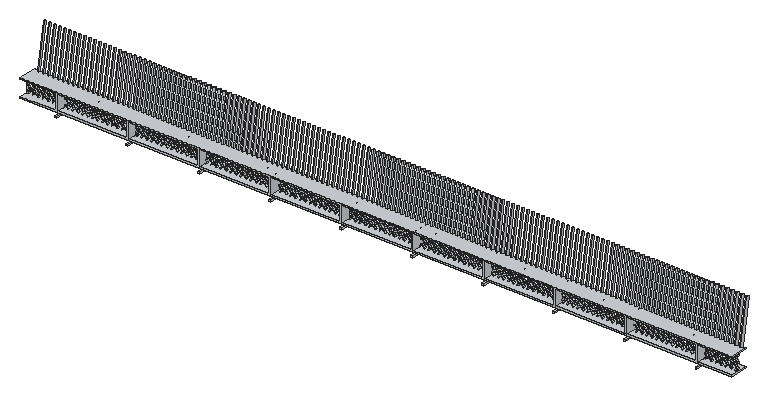
Revit family "Nedsale_venti panlat_Generic Model_2017", category Generic Models, Revit 2017
Family settings
  Can host rebar = No
  Round Connector Dimension = Use Diameter
  Part Type = Normal
  Work Plane-Based = Yes
  Always vertical = No
  Cut with Voids When Loaded = No
  Shared = No
  Room Calculation Point = No
Parameters
  kamlengte [instance] = 60 mm
  kam [instance] = yes
  gootlengte = 1000 mm
  URL = "www.w3d-tekenbureau.nl"
  Manufacturer = "Nedsale BV"
  Description = "Venti-panlat"
  Default Elevation = 0 mm
Reference planes
  plane 1 "Center (Front/Back)": y = 0
  plane 2: z = 0
  plane 3 "Center (Left/Right)": x = 0
  plane 4: y = -11.711
  plane 5: y = -13.711
Forms (mm)
  Extrusion 1, solid
    sketch origin (0, 0, 0) x (1, 0, 0) y (0, 0, 1)
      loop
        line (0, 7) -> (1000, 7) -> (1000, 32) -> (0, 32) -> (0, 7)
    from 11.711 to 13.711
  Extrusion 2, void
    sketch origin (-5.774, 0, 0) x (1, 0, 0) y (0, 0, 1)
      loop
        line (13.002, 31) -> (9.002, 31) -> (7.002, 27.536) -> (9.002, 24.072) -> (13.002, 24.072) -> (15.002, 27.536) -> (13.002, 31)
      loop
        line (13.002, 22.964) -> (9.002, 22.964) -> (7.002, 19.5) -> (9.002, 16.036) -> (13.002, 16.036) -> (15.002, 19.5) -> (13.002, 22.964)
      loop
        line (13.002, 14.928) -> (9.002, 14.928) -> (7.002, 11.464) -> (9.002, 8) -> (13.002, 8) -> (15.002, 11.464) -> (13.002, 14.928)
      loop
        line (19.961, 26.982) -> (15.961, 26.982) -> (13.961, 23.518) -> (15.961, 20.054) -> (19.961, 20.054) -> (21.961, 23.518) -> (19.961, 26.982)
      loop
        line (19.961, 18.946) -> (15.961, 18.946) -> (13.961, 15.482) -> (15.961, 12.018) -> (19.961, 12.018) -> (21.961, 15.482) -> (19.961, 18.946)
      loop
        line (19.961, 10.91) -> (15.961, 10.91) -> (14.281, 8) -> (21.641, 8) -> (19.961, 10.91)
      loop
        line (21.641, 31) -> (14.281, 31) -> (15.961, 28.09) -> (19.961, 28.09) -> (21.641, 31)
    from -34.103 to 250
  Extrusion 3, void
    sketch origin (8.144, 0, 0) x (1, 0, 0) y (0, 0, 1)
      loop
        line (13.002, 31) -> (9.002, 31) -> (7.002, 27.536) -> (9.002, 24.072) -> (13.002, 24.072) -> (15.002, 27.536) -> (13.002, 31)
      loop
        line (13.002, 22.964) -> (9.002, 22.964) -> (7.002, 19.5) -> (9.002, 16.036) -> (13.002, 16.036) -> (15.002, 19.5) -> (13.002, 22.964)
      loop
        line (13.002, 14.928) -> (9.002, 14.928) -> (7.002, 11.464) -> (9.002, 8) -> (13.002, 8) -> (15.002, 11.464) -> (13.002, 14.928)
      loop
        line (19.961, 26.982) -> (15.961, 26.982) -> (13.961, 23.518) -> (15.961, 20.054) -> (19.961, 20.054) -> (21.961, 23.518) -> (19.961, 26.982)
      loop
        line (19.961, 18.946) -> (15.961, 18.946) -> (13.961, 15.482) -> (15.961, 12.018) -> (19.961, 12.018) -> (21.961, 15.482) -> (19.961, 18.946)
      loop
        line (19.961, 10.91) -> (15.961, 10.91) -> (14.281, 8) -> (21.641, 8) -> (19.961, 10.91)
      loop
        line (21.641, 31) -> (14.281, 31) -> (15.961, 28.09) -> (19.961, 28.09) -> (21.641, 31)
    from -34.103 to 250
  Extrusion 4, void
    sketch origin (22.063, 0, 0) x (1, 0, 0) y (0, 0, 1)
      loop
        line (13.002, 31) -> (9.002, 31) -> (7.002, 27.536) -> (9.002, 24.072) -> (13.002, 24.072) -> (15.002, 27.536) -> (13.002, 31)
      loop
        line (13.002, 22.964) -> (9.002, 22.964) -> (7.002, 19.5) -> (9.002, 16.036) -> (13.002, 16.036) -> (15.002, 19.5) -> (13.002, 22.964)
      loop
        line (13.002, 14.928) -> (9.002, 14.928) -> (7.002, 11.464) -> (9.002, 8) -> (13.002, 8) -> (15.002, 11.464) -> (13.002, 14.928)
      loop
        line (19.961, 26.982) -> (15.961, 26.982) -> (13.961, 23.518) -> (15.961, 20.054) -> (19.961, 20.054) -> (21.961, 23.518) -> (19.961, 26.982)
      loop
        line (19.961, 18.946) -> (15.961, 18.946) -> (13.961, 15.482) -> (15.961, 12.018) -> (19.961, 12.018) -> (21.961, 15.482) -> (19.961, 18.946)
      loop
        line (19.961, 10.91) -> (15.961, 10.91) -> (14.281, 8) -> (21.641, 8) -> (19.961, 10.91)
      loop
        line (21.641, 31) -> (14.281, 31) -> (15.961, 28.09) -> (19.961, 28.09) -> (21.641, 31)
    from -34.103 to 250
  Extrusion 5, void
    sketch origin (35.982, 0, 0) x (1, 0, 0) y (0, 0, 1)
      loop
        line (13.002, 31) -> (9.002, 31) -> (7.002, 27.536) -> (9.002, 24.072) -> (13.002, 24.072) -> (15.002, 27.536) -> (13.002, 31)
      loop
        line (13.002, 22.964) -> (9.002, 22.964) -> (7.002, 19.5) -> (9.002, 16.036) -> (13.002, 16.036) -> (15.002, 19.5) -> (13.002, 22.964)
      loop
        line (13.002, 14.928) -> (9.002, 14.928) -> (7.002, 11.464) -> (9.002, 8) -> (13.002, 8) -> (15.002, 11.464) -> (13.002, 14.928)
      loop
        line (19.961, 26.982) -> (15.961, 26.982) -> (13.961, 23.518) -> (15.961, 20.054) -> (19.961, 20.054) -> (21.961, 23.518) -> (19.961, 26.982)
      loop
        line (19.961, 18.946) -> (15.961, 18.946) -> (13.961, 15.482) -> (15.961, 12.018) -> (19.961, 12.018) -> (21.961, 15.482) -> (19.961, 18.946)
      loop
        line (19.961, 10.91) -> (15.961, 10.91) -> (14.281, 8) -> (21.641, 8) -> (19.961, 10.91)
      loop
        line (21.641, 31) -> (14.281, 31) -> (15.961, 28.09) -> (19.961, 28.09) -> (21.641, 31)
    from -34.103 to 250
  Extrusion 6, void
    sketch origin (49.9, 0, 0) x (1, 0, 0) y (0, 0, 1)
      loop
        line (13.002, 31) -> (9.002, 31) -> (7.002, 27.536) -> (9.002, 24.072) -> (13.002, 24.072) -> (15.002, 27.536) -> (13.002, 31)
      loop
        line (13.002, 22.964) -> (9.002, 22.964) -> (7.002, 19.5) -> (9.002, 16.036) -> (13.002, 16.036) -> (15.002, 19.5) -> (13.002, 22.964)
      loop
        line (13.002, 14.928) -> (9.002, 14.928) -> (7.002, 11.464) -> (9.002, 8) -> (13.002, 8) -> (15.002, 11.464) -> (13.002, 14.928)
      loop
        line (19.961, 26.982) -> (15.961, 26.982) -> (13.961, 23.518) -> (15.961, 20.054) -> (19.961, 20.054) -> (21.961, 23.518) -> (19.961, 26.982)
      loop
        line (19.961, 18.946) -> (15.961, 18.946) -> (13.961, 15.482) -> (15.961, 12.018) -> (19.961, 12.018) -> (21.961, 15.482) -> (19.961, 18.946)
      loop
        line (19.961, 10.91) -> (15.961, 10.91) -> (14.281, 8) -> (21.641, 8) -> (19.961, 10.91)
      loop
        line (21.641, 31) -> (14.281, 31) -> (15.961, 28.09) -> (19.961, 28.09) -> (21.641, 31)
    from -34.103 to 250
  Extrusion 7, void
    sketch origin (63.819, 0, 0) x (1, 0, 0) y (0, 0, 1)
      loop
        line (13.002, 31) -> (9.002, 31) -> (7.002, 27.536) -> (9.002, 24.072) -> (13.002, 24.072) -> (15.002, 27.536) -> (13.002, 31)
      loop
        line (13.002, 22.964) -> (9.002, 22.964) -> (7.002, 19.5) -> (9.002, 16.036) -> (13.002, 16.036) -> (15.002, 19.5) -> (13.002, 22.964)
      loop
        line (13.002, 14.928) -> (9.002, 14.928) -> (7.002, 11.464) -> (9.002, 8) -> (13.002, 8) -> (15.002, 11.464) -> (13.002, 14.928)
      loop
        line (19.961, 26.982) -> (15.961, 26.982) -> (13.961, 23.518) -> (15.961, 20.054) -> (19.961, 20.054) -> (21.961, 23.518) -> (19.961, 26.982)
      loop
        line (19.961, 18.946) -> (15.961, 18.946) -> (13.961, 15.482) -> (15.961, 12.018) -> (19.961, 12.018) -> (21.961, 15.482) -> (19.961, 18.946)
      loop
        line (19.961, 10.91) -> (15.961, 10.91) -> (14.281, 8) -> (21.641, 8) -> (19.961, 10.91)
      loop
        line (21.641, 31) -> (14.281, 31) -> (15.961, 28.09) -> (19.961, 28.09) -> (21.641, 31)
    from -34.103 to 250
  Extrusion 8, void
    sketch origin (77.737, 0, 0) x (1, 0, 0) y (0, 0, 1)
      loop
        line (13.002, 31) -> (9.002, 31) -> (7.002, 27.536) -> (9.002, 24.072) -> (13.002, 24.072) -> (15.002, 27.536) -> (13.002, 31)
      loop
        line (13.002, 22.964) -> (9.002, 22.964) -> (7.002, 19.5) -> (9.002, 16.036) -> (13.002, 16.036) -> (15.002, 19.5) -> (13.002, 22.964)
      loop
        line (13.002, 14.928) -> (9.002, 14.928) -> (7.002, 11.464) -> (9.002, 8) -> (13.002, 8) -> (15.002, 11.464) -> (13.002, 14.928)
      loop
        line (19.961, 26.982) -> (15.961, 26.982) -> (13.961, 23.518) -> (15.961, 20.054) -> (19.961, 20.054) -> (21.961, 23.518) -> (19.961, 26.982)
      loop
        line (19.961, 18.946) -> (15.961, 18.946) -> (13.961, 15.482) -> (15.961, 12.018) -> (19.961, 12.018) -> (21.961, 15.482) -> (19.961, 18.946)
      loop
        line (19.961, 10.91) -> (15.961, 10.91) -> (14.281, 8) -> (21.641, 8) -> (19.961, 10.91)
      loop
        line (21.641, 31) -> (14.281, 31) -> (15.961, 28.09) -> (19.961, 28.09) -> (21.641, 31)
    from -34.103 to 250
  Extrusion 9, void
    sketch origin (91.656, 0, 0) x (1, 0, 0) y (0, 0, 1)
      loop
        line (13.002, 31) -> (9.002, 31) -> (7.002, 27.536) -> (9.002, 24.072) -> (13.002, 24.072) -> (15.002, 27.536) -> (13.002, 31)
      loop
        line (13.002, 22.964) -> (9.002, 22.964) -> (7.002, 19.5) -> (9.002, 16.036) -> (13.002, 16.036) -> (15.002, 19.5) -> (13.002, 22.964)
      loop
        line (13.002, 14.928) -> (9.002, 14.928) -> (7.002, 11.464) -> (9.002, 8) -> (13.002, 8) -> (15.002, 11.464) -> (13.002, 14.928)
      loop
        line (19.961, 26.982) -> (15.961, 26.982) -> (13.961, 23.518) -> (15.961, 20.054) -> (19.961, 20.054) -> (21.961, 23.518) -> (19.961, 26.982)
      loop
        line (19.961, 18.946) -> (15.961, 18.946) -> (13.961, 15.482) -> (15.961, 12.018) -> (19.961, 12.018) -> (21.961, 15.482) -> (19.961, 18.946)
      loop
        line (19.961, 10.91) -> (15.961, 10.91) -> (14.281, 8) -> (21.641, 8) -> (19.961, 10.91)
      loop
        line (21.641, 31) -> (14.281, 31) -> (15.961, 28.09) -> (19.961, 28.09) -> (21.641, 31)
    from -34.103 to 250
  Extrusion 10, void
    sketch origin (105.575, 0, 0) x (1, 0, 0) y (0, 0, 1)
      loop
        line (13.002, 31) -> (9.002, 31) -> (7.002, 27.536) -> (9.002, 24.072) -> (13.002, 24.072) -> (15.002, 27.536) -> (13.002, 31)
      loop
        line (13.002, 22.964) -> (9.002, 22.964) -> (7.002, 19.5) -> (9.002, 16.036) -> (13.002, 16.036) -> (15.002, 19.5) -> (13.002, 22.964)
      loop
        line (13.002, 14.928) -> (9.002, 14.928) -> (7.002, 11.464) -> (9.002, 8) -> (13.002, 8) -> (15.002, 11.464) -> (13.002, 14.928)
      loop
        line (19.961, 26.982) -> (15.961, 26.982) -> (13.961, 23.518) -> (15.961, 20.054) -> (19.961, 20.054) -> (21.961, 23.518) -> (19.961, 26.982)
      loop
        line (19.961, 18.946) -> (15.961, 18.946) -> (13.961, 15.482) -> (15.961, 12.018) -> (19.961, 12.018) -> (21.961, 15.482) -> (19.961, 18.946)
      loop
        line (19.961, 10.91) -> (15.961, 10.91) -> (14.281, 8) -> (21.641, 8) -> (19.961, 10.91)
      loop
        line (21.641, 31) -> (14.281, 31) -> (15.961, 28.09) -> (19.961, 28.09) -> (21.641, 31)
    from -34.103 to 250
  Extrusion 11, void
    sketch origin (119.493, 0, 0) x (1, 0, 0) y (0, 0, 1)
      loop
        line (13.002, 31) -> (9.002, 31) -> (7.002, 27.536) -> (9.002, 24.072) -> (13.002, 24.072) -> (15.002, 27.536) -> (13.002, 31)
      loop
        line (13.002, 22.964) -> (9.002, 22.964) -> (7.002, 19.5) -> (9.002, 16.036) -> (13.002, 16.036) -> (15.002, 19.5) -> (13.002, 22.964)
      loop
        line (13.002, 14.928) -> (9.002, 14.928) -> (7.002, 11.464) -> (9.002, 8) -> (13.002, 8) -> (15.002, 11.464) -> (13.002, 14.928)
      loop
        line (19.961, 26.982) -> (15.961, 26.982) -> (13.961, 23.518) -> (15.961, 20.054) -> (19.961, 20.054) -> (21.961, 23.518) -> (19.961, 26.982)
      loop
        line (19.961, 18.946) -> (15.961, 18.946) -> (13.961, 15.482) -> (15.961, 12.018) -> (19.961, 12.018) -> (21.961, 15.482) -> (19.961, 18.946)
      loop
        line (19.961, 10.91) -> (15.961, 10.91) -> (14.281, 8) -> (21.641, 8) -> (19.961, 10.91)
      loop
        line (21.641, 31) -> (14.281, 31) -> (15.961, 28.09) -> (19.961, 28.09) -> (21.641, 31)
    from -34.103 to 250
  Extrusion 12, void
    sketch origin (133.412, 0, 0) x (1, 0, 0) y (0, 0, 1)
      loop
        line (13.002, 31) -> (9.002, 31) -> (7.002, 27.536) -> (9.002, 24.072) -> (13.002, 24.072) -> (15.002, 27.536) -> (13.002, 31)
      loop
        line (13.002, 22.964) -> (9.002, 22.964) -> (7.002, 19.5) -> (9.002, 16.036) -> (13.002, 16.036) -> (15.002, 19.5) -> (13.002, 22.964)
      loop
        line (13.002, 14.928) -> (9.002, 14.928) -> (7.002, 11.464) -> (9.002, 8) -> (13.002, 8) -> (15.002, 11.464) -> (13.002, 14.928)
      loop
        line (19.961, 26.982) -> (15.961, 26.982) -> (13.961, 23.518) -> (15.961, 20.054) -> (19.961, 20.054) -> (21.961, 23.518) -> (19.961, 26.982)
      loop
        line (19.961, 18.946) -> (15.961, 18.946) -> (13.961, 15.482) -> (15.961, 12.018) -> (19.961, 12.018) -> (21.961, 15.482) -> (19.961, 18.946)
      loop
        line (19.961, 10.91) -> (15.961, 10.91) -> (14.281, 8) -> (21.641, 8) -> (19.961, 10.91)
      loop
        line (21.641, 31) -> (14.281, 31) -> (15.961, 28.09) -> (19.961, 28.09) -> (21.641, 31)
    from -34.103 to 250
  Extrusion 13, void
    sketch origin (147.33, 0, 0) x (1, 0, 0) y (0, 0, 1)
      loop
        line (13.002, 31) -> (9.002, 31) -> (7.002, 27.536) -> (9.002, 24.072) -> (13.002, 24.072) -> (15.002, 27.536) -> (13.002, 31)
      loop
        line (13.002, 22.964) -> (9.002, 22.964) -> (7.002, 19.5) -> (9.002, 16.036) -> (13.002, 16.036) -> (15.002, 19.5) -> (13.002, 22.964)
      loop
        line (13.002, 14.928) -> (9.002, 14.928) -> (7.002, 11.464) -> (9.002, 8) -> (13.002, 8) -> (15.002, 11.464) -> (13.002, 14.928)
      loop
        line (19.961, 26.982) -> (15.961, 26.982) -> (13.961, 23.518) -> (15.961, 20.054) -> (19.961, 20.054) -> (21.961, 23.518) -> (19.961, 26.982)
      loop
        line (19.961, 18.946) -> (15.961, 18.946) -> (13.961, 15.482) -> (15.961, 12.018) -> (19.961, 12.018) -> (21.961, 15.482) -> (19.961, 18.946)
      loop
        line (19.961, 10.91) -> (15.961, 10.91) -> (14.281, 8) -> (21.641, 8) -> (19.961, 10.91)
      loop
        line (21.641, 31) -> (14.281, 31) -> (15.961, 28.09) -> (19.961, 28.09) -> (21.641, 31)
    from -34.103 to 250
  Extrusion 14, void
    sketch origin (161.249, 0, 0) x (1, 0, 0) y (0, 0, 1)
      loop
        line (13.002, 31) -> (9.002, 31) -> (7.002, 27.536) -> (9.002, 24.072) -> (13.002, 24.072) -> (15.002, 27.536) -> (13.002, 31)
      loop
        line (13.002, 22.964) -> (9.002, 22.964) -> (7.002, 19.5) -> (9.002, 16.036) -> (13.002, 16.036) -> (15.002, 19.5) -> (13.002, 22.964)
      loop
        line (13.002, 14.928) -> (9.002, 14.928) -> (7.002, 11.464) -> (9.002, 8) -> (13.002, 8) -> (15.002, 11.464) -> (13.002, 14.928)
      loop
        line (19.961, 26.982) -> (15.961, 26.982) -> (13.961, 23.518) -> (15.961, 20.054) -> (19.961, 20.054) -> (21.961, 23.518) -> (19.961, 26.982)
      loop
        line (19.961, 18.946) -> (15.961, 18.946) -> (13.961, 15.482) -> (15.961, 12.018) -> (19.961, 12.018) -> (21.961, 15.482) -> (19.961, 18.946)
      loop
        line (19.961, 10.91) -> (15.961, 10.91) -> (14.281, 8) -> (21.641, 8) -> (19.961, 10.91)
      loop
        line (21.641, 31) -> (14.281, 31) -> (15.961, 28.09) -> (19.961, 28.09) -> (21.641, 31)
    from -34.103 to 250
  Extrusion 15, void
    sketch origin (175.167, 0, 0) x (1, 0, 0) y (0, 0, 1)
      loop
        line (13.002, 31) -> (9.002, 31) -> (7.002, 27.536) -> (9.002, 24.072) -> (13.002, 24.072) -> (15.002, 27.536) -> (13.002, 31)
      loop
        line (13.002, 22.964) -> (9.002, 22.964) -> (7.002, 19.5) -> (9.002, 16.036) -> (13.002, 16.036) -> (15.002, 19.5) -> (13.002, 22.964)
      loop
        line (13.002, 14.928) -> (9.002, 14.928) -> (7.002, 11.464) -> (9.002, 8) -> (13.002, 8) -> (15.002, 11.464) -> (13.002, 14.928)
      loop
        line (19.961, 26.982) -> (15.961, 26.982) -> (13.961, 23.518) -> (15.961, 20.054) -> (19.961, 20.054) -> (21.961, 23.518) -> (19.961, 26.982)
      loop
        line (19.961, 18.946) -> (15.961, 18.946) -> (13.961, 15.482) -> (15.961, 12.018) -> (19.961, 12.018) -> (21.961, 15.482) -> (19.961, 18.946)
      loop
        line (19.961, 10.91) -> (15.961, 10.91) -> (14.281, 8) -> (21.641, 8) -> (19.961, 10.91)
      loop
        line (21.641, 31) -> (14.281, 31) -> (15.961, 28.09) -> (19.961, 28.09) -> (21.641, 31)
    from -34.103 to 250
  Extrusion 16, void
    sketch origin (189.086, 0, 0) x (1, 0, 0) y (0, 0, 1)
      loop
        line (13.002, 31) -> (9.002, 31) -> (7.002, 27.536) -> (9.002, 24.072) -> (13.002, 24.072) -> (15.002, 27.536) -> (13.002, 31)
      loop
        line (13.002, 22.964) -> (9.002, 22.964) -> (7.002, 19.5) -> (9.002, 16.036) -> (13.002, 16.036) -> (15.002, 19.5) -> (13.002, 22.964)
      loop
        line (13.002, 14.928) -> (9.002, 14.928) -> (7.002, 11.464) -> (9.002, 8) -> (13.002, 8) -> (15.002, 11.464) -> (13.002, 14.928)
      loop
        line (19.961, 26.982) -> (15.961, 26.982) -> (13.961, 23.518) -> (15.961, 20.054) -> (19.961, 20.054) -> (21.961, 23.518) -> (19.961, 26.982)
      loop
        line (19.961, 18.946) -> (15.961, 18.946) -> (13.961, 15.482) -> (15.961, 12.018) -> (19.961, 12.018) -> (21.961, 15.482) -> (19.961, 18.946)
      loop
        line (19.961, 10.91) -> (15.961, 10.91) -> (14.281, 8) -> (21.641, 8) -> (19.961, 10.91)
      loop
        line (21.641, 31) -> (14.281, 31) -> (15.961, 28.09) -> (19.961, 28.09) -> (21.641, 31)
    from -34.103 to 250
  Extrusion 17, void
    sketch origin (203.005, 0, 0) x (1, 0, 0) y (0, 0, 1)
      loop
        line (13.002, 31) -> (9.002, 31) -> (7.002, 27.536) -> (9.002, 24.072) -> (13.002, 24.072) -> (15.002, 27.536) -> (13.002, 31)
      loop
        line (13.002, 22.964) -> (9.002, 22.964) -> (7.002, 19.5) -> (9.002, 16.036) -> (13.002, 16.036) -> (15.002, 19.5) -> (13.002, 22.964)
      loop
        line (13.002, 14.928) -> (9.002, 14.928) -> (7.002, 11.464) -> (9.002, 8) -> (13.002, 8) -> (15.002, 11.464) -> (13.002, 14.928)
      loop
        line (19.961, 26.982) -> (15.961, 26.982) -> (13.961, 23.518) -> (15.961, 20.054) -> (19.961, 20.054) -> (21.961, 23.518) -> (19.961, 26.982)
      loop
        line (19.961, 18.946) -> (15.961, 18.946) -> (13.961, 15.482) -> (15.961, 12.018) -> (19.961, 12.018) -> (21.961, 15.482) -> (19.961, 18.946)
      loop
        line (19.961, 10.91) -> (15.961, 10.91) -> (14.281, 8) -> (21.641, 8) -> (19.961, 10.91)
      loop
        line (21.641, 31) -> (14.281, 31) -> (15.961, 28.09) -> (19.961, 28.09) -> (21.641, 31)
    from -34.103 to 250
  Extrusion 18, void
    sketch origin (216.923, 0, 0) x (1, 0, 0) y (0, 0, 1)
      loop
        line (13.002, 31) -> (9.002, 31) -> (7.002, 27.536) -> (9.002, 24.072) -> (13.002, 24.072) -> (15.002, 27.536) -> (13.002, 31)
      loop
        line (13.002, 22.964) -> (9.002, 22.964) -> (7.002, 19.5) -> (9.002, 16.036) -> (13.002, 16.036) -> (15.002, 19.5) -> (13.002, 22.964)
      loop
        line (13.002, 14.928) -> (9.002, 14.928) -> (7.002, 11.464) -> (9.002, 8) -> (13.002, 8) -> (15.002, 11.464) -> (13.002, 14.928)
      loop
        line (19.961, 26.982) -> (15.961, 26.982) -> (13.961, 23.518) -> (15.961, 20.054) -> (19.961, 20.054) -> (21.961, 23.518) -> (19.961, 26.982)
      loop
        line (19.961, 18.946) -> (15.961, 18.946) -> (13.961, 15.482) -> (15.961, 12.018) -> (19.961, 12.018) -> (21.961, 15.482) -> (19.961, 18.946)
      loop
        line (19.961, 10.91) -> (15.961, 10.91) -> (14.281, 8) -> (21.641, 8) -> (19.961, 10.91)
      loop
        line (21.641, 31) -> (14.281, 31) -> (15.961, 28.09) -> (19.961, 28.09) -> (21.641, 31)
    from -34.103 to 250
  Extrusion 19, void
    sketch origin (230.842, 0, 0) x (1, 0, 0) y (0, 0, 1)
      loop
        line (13.002, 31) -> (9.002, 31) -> (7.002, 27.536) -> (9.002, 24.072) -> (13.002, 24.072) -> (15.002, 27.536) -> (13.002, 31)
      loop
        line (13.002, 22.964) -> (9.002, 22.964) -> (7.002, 19.5) -> (9.002, 16.036) -> (13.002, 16.036) -> (15.002, 19.5) -> (13.002, 22.964)
      loop
        line (13.002, 14.928) -> (9.002, 14.928) -> (7.002, 11.464) -> (9.002, 8) -> (13.002, 8) -> (15.002, 11.464) -> (13.002, 14.928)
      loop
        line (19.961, 26.982) -> (15.961, 26.982) -> (13.961, 23.518) -> (15.961, 20.054) -> (19.961, 20.054) -> (21.961, 23.518) -> (19.961, 26.982)
      loop
        line (19.961, 18.946) -> (15.961, 18.946) -> (13.961, 15.482) -> (15.961, 12.018) -> (19.961, 12.018) -> (21.961, 15.482) -> (19.961, 18.946)
      loop
        line (19.961, 10.91) -> (15.961, 10.91) -> (14.281, 8) -> (21.641, 8) -> (19.961, 10.91)
      loop
        line (21.641, 31) -> (14.281, 31) -> (15.961, 28.09) -> (19.961, 28.09) -> (21.641, 31)
    from -34.103 to 250
  Extrusion 20, void
    sketch origin (244.76, 0, 0) x (1, 0, 0) y (0, 0, 1)
      loop
        line (13.002, 31) -> (9.002, 31) -> (7.002, 27.536) -> (9.002, 24.072) -> (13.002, 24.072) -> (15.002, 27.536) -> (13.002, 31)
      loop
        line (13.002, 22.964) -> (9.002, 22.964) -> (7.002, 19.5) -> (9.002, 16.036) -> (13.002, 16.036) -> (15.002, 19.5) -> (13.002, 22.964)
      loop
        line (13.002, 14.928) -> (9.002, 14.928) -> (7.002, 11.464) -> (9.002, 8) -> (13.002, 8) -> (15.002, 11.464) -> (13.002, 14.928)
      loop
        line (19.961, 26.982) -> (15.961, 26.982) -> (13.961, 23.518) -> (15.961, 20.054) -> (19.961, 20.054) -> (21.961, 23.518) -> (19.961, 26.982)
      loop
        line (19.961, 18.946) -> (15.961, 18.946) -> (13.961, 15.482) -> (15.961, 12.018) -> (19.961, 12.018) -> (21.961, 15.482) -> (19.961, 18.946)
      loop
        line (19.961, 10.91) -> (15.961, 10.91) -> (14.281, 8) -> (21.641, 8) -> (19.961, 10.91)
      loop
        line (21.641, 31) -> (14.281, 31) -> (15.961, 28.09) -> (19.961, 28.09) -> (21.641, 31)
    from -34.103 to 250
  Extrusion 21, void
    sketch origin (258.679, 0, 0) x (1, 0, 0) y (0, 0, 1)
      loop
        line (13.002, 31) -> (9.002, 31) -> (7.002, 27.536) -> (9.002, 24.072) -> (13.002, 24.072) -> (15.002, 27.536) -> (13.002, 31)
      loop
        line (13.002, 22.964) -> (9.002, 22.964) -> (7.002, 19.5) -> (9.002, 16.036) -> (13.002, 16.036) -> (15.002, 19.5) -> (13.002, 22.964)
      loop
        line (13.002, 14.928) -> (9.002, 14.928) -> (7.002, 11.464) -> (9.002, 8) -> (13.002, 8) -> (15.002, 11.464) -> (13.002, 14.928)
      loop
        line (19.961, 26.982) -> (15.961, 26.982) -> (13.961, 23.518) -> (15.961, 20.054) -> (19.961, 20.054) -> (21.961, 23.518) -> (19.961, 26.982)
      loop
        line (19.961, 18.946) -> (15.961, 18.946) -> (13.961, 15.482) -> (15.961, 12.018) -> (19.961, 12.018) -> (21.961, 15.482) -> (19.961, 18.946)
      loop
        line (19.961, 10.91) -> (15.961, 10.91) -> (14.281, 8) -> (21.641, 8) -> (19.961, 10.91)
      loop
        line (21.641, 31) -> (14.281, 31) -> (15.961, 28.09) -> (19.961, 28.09) -> (21.641, 31)
    from -34.103 to 250
  Extrusion 22, void
    sketch origin (272.598, 0, 0) x (1, 0, 0) y (0, 0, 1)
      loop
        line (13.002, 31) -> (9.002, 31) -> (7.002, 27.536) -> (9.002, 24.072) -> (13.002, 24.072) -> (15.002, 27.536) -> (13.002, 31)
      loop
        line (13.002, 22.964) -> (9.002, 22.964) -> (7.002, 19.5) -> (9.002, 16.036) -> (13.002, 16.036) -> (15.002, 19.5) -> (13.002, 22.964)
      loop
        line (13.002, 14.928) -> (9.002, 14.928) -> (7.002, 11.464) -> (9.002, 8) -> (13.002, 8) -> (15.002, 11.464) -> (13.002, 14.928)
      loop
        line (19.961, 26.982) -> (15.961, 26.982) -> (13.961, 23.518) -> (15.961, 20.054) -> (19.961, 20.054) -> (21.961, 23.518) -> (19.961, 26.982)
      loop
        line (19.961, 18.946) -> (15.961, 18.946) -> (13.961, 15.482) -> (15.961, 12.018) -> (19.961, 12.018) -> (21.961, 15.482) -> (19.961, 18.946)
      loop
        line (19.961, 10.91) -> (15.961, 10.91) -> (14.281, 8) -> (21.641, 8) -> (19.961, 10.91)
      loop
        line (21.641, 31) -> (14.281, 31) -> (15.961, 28.09) -> (19.961, 28.09) -> (21.641, 31)
    from -34.103 to 250
  Extrusion 23, void
    sketch origin (286.516, 0, 0) x (1, 0, 0) y (0, 0, 1)
      loop
        line (13.002, 31) -> (9.002, 31) -> (7.002, 27.536) -> (9.002, 24.072) -> (13.002, 24.072) -> (15.002, 27.536) -> (13.002, 31)
      loop
        line (13.002, 22.964) -> (9.002, 22.964) -> (7.002, 19.5) -> (9.002, 16.036) -> (13.002, 16.036) -> (15.002, 19.5) -> (13.002, 22.964)
      loop
        line (13.002, 14.928) -> (9.002, 14.928) -> (7.002, 11.464) -> (9.002, 8) -> (13.002, 8) -> (15.002, 11.464) -> (13.002, 14.928)
      loop
        line (19.961, 26.982) -> (15.961, 26.982) -> (13.961, 23.518) -> (15.961, 20.054) -> (19.961, 20.054) -> (21.961, 23.518) -> (19.961, 26.982)
      loop
        line (19.961, 18.946) -> (15.961, 18.946) -> (13.961, 15.482) -> (15.961, 12.018) -> (19.961, 12.018) -> (21.961, 15.482) -> (19.961, 18.946)
      loop
        line (19.961, 10.91) -> (15.961, 10.91) -> (14.281, 8) -> (21.641, 8) -> (19.961, 10.91)
      loop
        line (21.641, 31) -> (14.281, 31) -> (15.961, 28.09) -> (19.961, 28.09) -> (21.641, 31)
    from -34.103 to 250
  Extrusion 24, void
    sketch origin (300.435, 0, 0) x (1, 0, 0) y (0, 0, 1)
      loop
        line (13.002, 31) -> (9.002, 31) -> (7.002, 27.536) -> (9.002, 24.072) -> (13.002, 24.072) -> (15.002, 27.536) -> (13.002, 31)
      loop
        line (13.002, 22.964) -> (9.002, 22.964) -> (7.002, 19.5) -> (9.002, 16.036) -> (13.002, 16.036) -> (15.002, 19.5) -> (13.002, 22.964)
      loop
        line (13.002, 14.928) -> (9.002, 14.928) -> (7.002, 11.464) -> (9.002, 8) -> (13.002, 8) -> (15.002, 11.464) -> (13.002, 14.928)
      loop
        line (19.961, 26.982) -> (15.961, 26.982) -> (13.961, 23.518) -> (15.961, 20.054) -> (19.961, 20.054) -> (21.961, 23.518) -> (19.961, 26.982)
      loop
        line (19.961, 18.946) -> (15.961, 18.946) -> (13.961, 15.482) -> (15.961, 12.018) -> (19.961, 12.018) -> (21.961, 15.482) -> (19.961, 18.946)
      loop
        line (19.961, 10.91) -> (15.961, 10.91) -> (14.281, 8) -> (21.641, 8) -> (19.961, 10.91)
      loop
        line (21.641, 31) -> (14.281, 31) -> (15.961, 28.09) -> (19.961, 28.09) -> (21.641, 31)
    from -34.103 to 250
  Extrusion 25, void
    sketch origin (314.353, 0, 0) x (1, 0, 0) y (0, 0, 1)
      loop
        line (13.002, 31) -> (9.002, 31) -> (7.002, 27.536) -> (9.002, 24.072) -> (13.002, 24.072) -> (15.002, 27.536) -> (13.002, 31)
      loop
        line (13.002, 22.964) -> (9.002, 22.964) -> (7.002, 19.5) -> (9.002, 16.036) -> (13.002, 16.036) -> (15.002, 19.5) -> (13.002, 22.964)
      loop
        line (13.002, 14.928) -> (9.002, 14.928) -> (7.002, 11.464) -> (9.002, 8) -> (13.002, 8) -> (15.002, 11.464) -> (13.002, 14.928)
      loop
        line (19.961, 26.982) -> (15.961, 26.982) -> (13.961, 23.518) -> (15.961, 20.054) -> (19.961, 20.054) -> (21.961, 23.518) -> (19.961, 26.982)
      loop
        line (19.961, 18.946) -> (15.961, 18.946) -> (13.961, 15.482) -> (15.961, 12.018) -> (19.961, 12.018) -> (21.961, 15.482) -> (19.961, 18.946)
      loop
        line (19.961, 10.91) -> (15.961, 10.91) -> (14.281, 8) -> (21.641, 8) -> (19.961, 10.91)
      loop
        line (21.641, 31) -> (14.281, 31) -> (15.961, 28.09) -> (19.961, 28.09) -> (21.641, 31)
    from -34.103 to 250
  Extrusion 26, void
    sketch origin (328.272, 0, 0) x (1, 0, 0) y (0, 0, 1)
      loop
        line (13.002, 31) -> (9.002, 31) -> (7.002, 27.536) -> (9.002, 24.072) -> (13.002, 24.072) -> (15.002, 27.536) -> (13.002, 31)
      loop
        line (13.002, 22.964) -> (9.002, 22.964) -> (7.002, 19.5) -> (9.002, 16.036) -> (13.002, 16.036) -> (15.002, 19.5) -> (13.002, 22.964)
      loop
        line (13.002, 14.928) -> (9.002, 14.928) -> (7.002, 11.464) -> (9.002, 8) -> (13.002, 8) -> (15.002, 11.464) -> (13.002, 14.928)
      loop
        line (19.961, 26.982) -> (15.961, 26.982) -> (13.961, 23.518) -> (15.961, 20.054) -> (19.961, 20.054) -> (21.961, 23.518) -> (19.961, 26.982)
      loop
        line (19.961, 18.946) -> (15.961, 18.946) -> (13.961, 15.482) -> (15.961, 12.018) -> (19.961, 12.018) -> (21.961, 15.482) -> (19.961, 18.946)
      loop
        line (19.961, 10.91) -> (15.961, 10.91) -> (14.281, 8) -> (21.641, 8) -> (19.961, 10.91)
      loop
        line (21.641, 31) -> (14.281, 31) -> (15.961, 28.09) -> (19.961, 28.09) -> (21.641, 31)
    from -34.103 to 250
  Extrusion 27, void
    sketch origin (342.19, 0, 0) x (1, 0, 0) y (0, 0, 1)
      loop
        line (13.002, 31) -> (9.002, 31) -> (7.002, 27.536) -> (9.002, 24.072) -> (13.002, 24.072) -> (15.002, 27.536) -> (13.002, 31)
      loop
        line (13.002, 22.964) -> (9.002, 22.964) -> (7.002, 19.5) -> (9.002, 16.036) -> (13.002, 16.036) -> (15.002, 19.5) -> (13.002, 22.964)
      loop
        line (13.002, 14.928) -> (9.002, 14.928) -> (7.002, 11.464) -> (9.002, 8) -> (13.002, 8) -> (15.002, 11.464) -> (13.002, 14.928)
      loop
        line (19.961, 26.982) -> (15.961, 26.982) -> (13.961, 23.518) -> (15.961, 20.054) -> (19.961, 20.054) -> (21.961, 23.518) -> (19.961, 26.982)
      loop
        line (19.961, 18.946) -> (15.961, 18.946) -> (13.961, 15.482) -> (15.961, 12.018) -> (19.961, 12.018) -> (21.961, 15.482) -> (19.961, 18.946)
      loop
        line (19.961, 10.91) -> (15.961, 10.91) -> (14.281, 8) -> (21.641, 8) -> (19.961, 10.91)
      loop
        line (21.641, 31) -> (14.281, 31) -> (15.961, 28.09) -> (19.961, 28.09) -> (21.641, 31)
    from -34.103 to 250
  Extrusion 28, void
    sketch origin (356.109, 0, 0) x (1, 0, 0) y (0, 0, 1)
      loop
        line (13.002, 31) -> (9.002, 31) -> (7.002, 27.536) -> (9.002, 24.072) -> (13.002, 24.072) -> (15.002, 27.536) -> (13.002, 31)
      loop
        line (13.002, 22.964) -> (9.002, 22.964) -> (7.002, 19.5) -> (9.002, 16.036) -> (13.002, 16.036) -> (15.002, 19.5) -> (13.002, 22.964)
      loop
        line (13.002, 14.928) -> (9.002, 14.928) -> (7.002, 11.464) -> (9.002, 8) -> (13.002, 8) -> (15.002, 11.464) -> (13.002, 14.928)
      loop
        line (19.961, 26.982) -> (15.961, 26.982) -> (13.961, 23.518) -> (15.961, 20.054) -> (19.961, 20.054) -> (21.961, 23.518) -> (19.961, 26.982)
      loop
        line (19.961, 18.946) -> (15.961, 18.946) -> (13.961, 15.482) -> (15.961, 12.018) -> (19.961, 12.018) -> (21.961, 15.482) -> (19.961, 18.946)
      loop
        line (19.961, 10.91) -> (15.961, 10.91) -> (14.281, 8) -> (21.641, 8) -> (19.961, 10.91)
      loop
        line (21.641, 31) -> (14.281, 31) -> (15.961, 28.09) -> (19.961, 28.09) -> (21.641, 31)
    from -34.103 to 250
  Extrusion 29, void
    sketch origin (370.028, 0, 0) x (1, 0, 0) y (0, 0, 1)
      loop
        line (13.002, 31) -> (9.002, 31) -> (7.002, 27.536) -> (9.002, 24.072) -> (13.002, 24.072) -> (15.002, 27.536) -> (13.002, 31)
      loop
        line (13.002, 22.964) -> (9.002, 22.964) -> (7.002, 19.5) -> (9.002, 16.036) -> (13.002, 16.036) -> (15.002, 19.5) -> (13.002, 22.964)
      loop
        line (13.002, 14.928) -> (9.002, 14.928) -> (7.002, 11.464) -> (9.002, 8) -> (13.002, 8) -> (15.002, 11.464) -> (13.002, 14.928)
      loop
        line (19.961, 26.982) -> (15.961, 26.982) -> (13.961, 23.518) -> (15.961, 20.054) -> (19.961, 20.054) -> (21.961, 23.518) -> (19.961, 26.982)
      loop
        line (19.961, 18.946) -> (15.961, 18.946) -> (13.961, 15.482) -> (15.961, 12.018) -> (19.961, 12.018) -> (21.961, 15.482) -> (19.961, 18.946)
      loop
        line (19.961, 10.91) -> (15.961, 10.91) -> (14.281, 8) -> (21.641, 8) -> (19.961, 10.91)
      loop
        line (21.641, 31) -> (14.281, 31) -> (15.961, 28.09) -> (19.961, 28.09) -> (21.641, 31)
    from -34.103 to 250
  Extrusion 30, void
    sketch origin (383.946, 0, 0) x (1, 0, 0) y (0, 0, 1)
      loop
        line (13.002, 31) -> (9.002, 31) -> (7.002, 27.536) -> (9.002, 24.072) -> (13.002, 24.072) -> (15.002, 27.536) -> (13.002, 31)
      loop
        line (13.002, 22.964) -> (9.002, 22.964) -> (7.002, 19.5) -> (9.002, 16.036) -> (13.002, 16.036) -> (15.002, 19.5) -> (13.002, 22.964)
      loop
        line (13.002, 14.928) -> (9.002, 14.928) -> (7.002, 11.464) -> (9.002, 8) -> (13.002, 8) -> (15.002, 11.464) -> (13.002, 14.928)
      loop
        line (19.961, 26.982) -> (15.961, 26.982) -> (13.961, 23.518) -> (15.961, 20.054) -> (19.961, 20.054) -> (21.961, 23.518) -> (19.961, 26.982)
      loop
        line (19.961, 18.946) -> (15.961, 18.946) -> (13.961, 15.482) -> (15.961, 12.018) -> (19.961, 12.018) -> (21.961, 15.482) -> (19.961, 18.946)
      loop
        line (19.961, 10.91) -> (15.961, 10.91) -> (14.281, 8) -> (21.641, 8) -> (19.961, 10.91)
      loop
        line (21.641, 31) -> (14.281, 31) -> (15.961, 28.09) -> (19.961, 28.09) -> (21.641, 31)
    from -34.103 to 250
  Extrusion 31, void
    sketch origin (397.865, 0, 0) x (1, 0, 0) y (0, 0, 1)
      loop
        line (13.002, 31) -> (9.002, 31) -> (7.002, 27.536) -> (9.002, 24.072) -> (13.002, 24.072) -> (15.002, 27.536) -> (13.002, 31)
      loop
        line (13.002, 22.964) -> (9.002, 22.964) -> (7.002, 19.5) -> (9.002, 16.036) -> (13.002, 16.036) -> (15.002, 19.5) -> (13.002, 22.964)
      loop
        line (13.002, 14.928) -> (9.002, 14.928) -> (7.002, 11.464) -> (9.002, 8) -> (13.002, 8) -> (15.002, 11.464) -> (13.002, 14.928)
      loop
        line (19.961, 26.982) -> (15.961, 26.982) -> (13.961, 23.518) -> (15.961, 20.054) -> (19.961, 20.054) -> (21.961, 23.518) -> (19.961, 26.982)
      loop
        line (19.961, 18.946) -> (15.961, 18.946) -> (13.961, 15.482) -> (15.961, 12.018) -> (19.961, 12.018) -> (21.961, 15.482) -> (19.961, 18.946)
      loop
        line (19.961, 10.91) -> (15.961, 10.91) -> (14.281, 8) -> (21.641, 8) -> (19.961, 10.91)
      loop
        line (21.641, 31) -> (14.281, 31) -> (15.961, 28.09) -> (19.961, 28.09) -> (21.641, 31)
    from -34.103 to 250
  Extrusion 32, void
    sketch origin (411.783, 0, 0) x (1, 0, 0) y (0, 0, 1)
      loop
        line (13.002, 31) -> (9.002, 31) -> (7.002, 27.536) -> (9.002, 24.072) -> (13.002, 24.072) -> (15.002, 27.536) -> (13.002, 31)
      loop
        line (13.002, 22.964) -> (9.002, 22.964) -> (7.002, 19.5) -> (9.002, 16.036) -> (13.002, 16.036) -> (15.002, 19.5) -> (13.002, 22.964)
      loop
        line (13.002, 14.928) -> (9.002, 14.928) -> (7.002, 11.464) -> (9.002, 8) -> (13.002, 8) -> (15.002, 11.464) -> (13.002, 14.928)
      loop
        line (19.961, 26.982) -> (15.961, 26.982) -> (13.961, 23.518) -> (15.961, 20.054) -> (19.961, 20.054) -> (21.961, 23.518) -> (19.961, 26.982)
      loop
        line (19.961, 18.946) -> (15.961, 18.946) -> (13.961, 15.482) -> (15.961, 12.018) -> (19.961, 12.018) -> (21.961, 15.482) -> (19.961, 18.946)
      loop
        line (19.961, 10.91) -> (15.961, 10.91) -> (14.281, 8) -> (21.641, 8) -> (19.961, 10.91)
      loop
        line (21.641, 31) -> (14.281, 31) -> (15.961, 28.09) -> (19.961, 28.09) -> (21.641, 31)
    from -34.103 to 250
  Extrusion 33, void
    sketch origin (425.702, 0, 0) x (1, 0, 0) y (0, 0, 1)
      loop
        line (13.002, 31) -> (9.002, 31) -> (7.002, 27.536) -> (9.002, 24.072) -> (13.002, 24.072) -> (15.002, 27.536) -> (13.002, 31)
      loop
        line (13.002, 22.964) -> (9.002, 22.964) -> (7.002, 19.5) -> (9.002, 16.036) -> (13.002, 16.036) -> (15.002, 19.5) -> (13.002, 22.964)
      loop
        line (13.002, 14.928) -> (9.002, 14.928) -> (7.002, 11.464) -> (9.002, 8) -> (13.002, 8) -> (15.002, 11.464) -> (13.002, 14.928)
      loop
        line (19.961, 26.982) -> (15.961, 26.982) -> (13.961, 23.518) -> (15.961, 20.054) -> (19.961, 20.054) -> (21.961, 23.518) -> (19.961, 26.982)
      loop
        line (19.961, 18.946) -> (15.961, 18.946) -> (13.961, 15.482) -> (15.961, 12.018) -> (19.961, 12.018) -> (21.961, 15.482) -> (19.961, 18.946)
      loop
        line (19.961, 10.91) -> (15.961, 10.91) -> (14.281, 8) -> (21.641, 8) -> (19.961, 10.91)
      loop
        line (21.641, 31) -> (14.281, 31) -> (15.961, 28.09) -> (19.961, 28.09) -> (21.641, 31)
    from -34.103 to 250
  Extrusion 34, void
    sketch origin (439.621, 0, 0) x (1, 0, 0) y (0, 0, 1)
      loop
        line (13.002, 31) -> (9.002, 31) -> (7.002, 27.536) -> (9.002, 24.072) -> (13.002, 24.072) -> (15.002, 27.536) -> (13.002, 31)
      loop
        line (13.002, 22.964) -> (9.002, 22.964) -> (7.002, 19.5) -> (9.002, 16.036) -> (13.002, 16.036) -> (15.002, 19.5) -> (13.002, 22.964)
      loop
        line (13.002, 14.928) -> (9.002, 14.928) -> (7.002, 11.464) -> (9.002, 8) -> (13.002, 8) -> (15.002, 11.464) -> (13.002, 14.928)
      loop
        line (19.961, 26.982) -> (15.961, 26.982) -> (13.961, 23.518) -> (15.961, 20.054) -> (19.961, 20.054) -> (21.961, 23.518) -> (19.961, 26.982)
      loop
        line (19.961, 18.946) -> (15.961, 18.946) -> (13.961, 15.482) -> (15.961, 12.018) -> (19.961, 12.018) -> (21.961, 15.482) -> (19.961, 18.946)
      loop
        line (19.961, 10.91) -> (15.961, 10.91) -> (14.281, 8) -> (21.641, 8) -> (19.961, 10.91)
      loop
        line (21.641, 31) -> (14.281, 31) -> (15.961, 28.09) -> (19.961, 28.09) -> (21.641, 31)
    from -34.103 to 250
  Extrusion 35, void
    sketch origin (453.539, 0, 0) x (1, 0, 0) y (0, 0, 1)
      loop
        line (13.002, 31) -> (9.002, 31) -> (7.002, 27.536) -> (9.002, 24.072) -> (13.002, 24.072) -> (15.002, 27.536) -> (13.002, 31)
      loop
        line (13.002, 22.964) -> (9.002, 22.964) -> (7.002, 19.5) -> (9.002, 16.036) -> (13.002, 16.036) -> (15.002, 19.5) -> (13.002, 22.964)
      loop
        line (13.002, 14.928) -> (9.002, 14.928) -> (7.002, 11.464) -> (9.002, 8) -> (13.002, 8) -> (15.002, 11.464) -> (13.002, 14.928)
      loop
        line (19.961, 26.982) -> (15.961, 26.982) -> (13.961, 23.518) -> (15.961, 20.054) -> (19.961, 20.054) -> (21.961, 23.518) -> (19.961, 26.982)
      loop
        line (19.961, 18.946) -> (15.961, 18.946) -> (13.961, 15.482) -> (15.961, 12.018) -> (19.961, 12.018) -> (21.961, 15.482) -> (19.961, 18.946)
      loop
        line (19.961, 10.91) -> (15.961, 10.91) -> (14.281, 8) -> (21.641, 8) -> (19.961, 10.91)
      loop
        line (21.641, 31) -> (14.281, 31) -> (15.961, 28.09) -> (19.961, 28.09) -> (21.641, 31)
    from -34.103 to 250
  Extrusion 36, void
    sketch origin (467.458, 0, 0) x (1, 0, 0) y (0, 0, 1)
      loop
        line (13.002, 31) -> (9.002, 31) -> (7.002, 27.536) -> (9.002, 24.072) -> (13.002, 24.072) -> (15.002, 27.536) -> (13.002, 31)
      loop
        line (13.002, 22.964) -> (9.002, 22.964) -> (7.002, 19.5) -> (9.002, 16.036) -> (13.002, 16.036) -> (15.002, 19.5) -> (13.002, 22.964)
      loop
        line (13.002, 14.928) -> (9.002, 14.928) -> (7.002, 11.464) -> (9.002, 8) -> (13.002, 8) -> (15.002, 11.464) -> (13.002, 14.928)
      loop
        line (19.961, 26.982) -> (15.961, 26.982) -> (13.961, 23.518) -> (15.961, 20.054) -> (19.961, 20.054) -> (21.961, 23.518) -> (19.961, 26.982)
      loop
        line (19.961, 18.946) -> (15.961, 18.946) -> (13.961, 15.482) -> (15.961, 12.018) -> (19.961, 12.018) -> (21.961, 15.482) -> (19.961, 18.946)
      loop
        line (19.961, 10.91) -> (15.961, 10.91) -> (14.281, 8) -> (21.641, 8) -> (19.961, 10.91)
      loop
        line (21.641, 31) -> (14.281, 31) -> (15.961, 28.09) -> (19.961, 28.09) -> (21.641, 31)
    from -34.103 to 250
  Extrusion 37, void
    sketch origin (481.376, 0, 0) x (1, 0, 0) y (0, 0, 1)
      loop
        line (13.002, 31) -> (9.002, 31) -> (7.002, 27.536) -> (9.002, 24.072) -> (13.002, 24.072) -> (15.002, 27.536) -> (13.002, 31)
      loop
        line (13.002, 22.964) -> (9.002, 22.964) -> (7.002, 19.5) -> (9.002, 16.036) -> (13.002, 16.036) -> (15.002, 19.5) -> (13.002, 22.964)
      loop
        line (13.002, 14.928) -> (9.002, 14.928) -> (7.002, 11.464) -> (9.002, 8) -> (13.002, 8) -> (15.002, 11.464) -> (13.002, 14.928)
      loop
        line (19.961, 26.982) -> (15.961, 26.982) -> (13.961, 23.518) -> (15.961, 20.054) -> (19.961, 20.054) -> (21.961, 23.518) -> (19.961, 26.982)
      loop
        line (19.961, 18.946) -> (15.961, 18.946) -> (13.961, 15.482) -> (15.961, 12.018) -> (19.961, 12.018) -> (21.961, 15.482) -> (19.961, 18.946)
      loop
        line (19.961, 10.91) -> (15.961, 10.91) -> (14.281, 8) -> (21.641, 8) -> (19.961, 10.91)
      loop
        line (21.641, 31) -> (14.281, 31) -> (15.961, 28.09) -> (19.961, 28.09) -> (21.641, 31)
    from -34.103 to 250
  Extrusion 38, void
    sketch origin (495.295, 0, 0) x (1, 0, 0) y (0, 0, 1)
      loop
        line (13.002, 31) -> (9.002, 31) -> (7.002, 27.536) -> (9.002, 24.072) -> (13.002, 24.072) -> (15.002, 27.536) -> (13.002, 31)
      loop
        line (13.002, 22.964) -> (9.002, 22.964) -> (7.002, 19.5) -> (9.002, 16.036) -> (13.002, 16.036) -> (15.002, 19.5) -> (13.002, 22.964)
      loop
        line (13.002, 14.928) -> (9.002, 14.928) -> (7.002, 11.464) -> (9.002, 8) -> (13.002, 8) -> (15.002, 11.464) -> (13.002, 14.928)
      loop
        line (19.961, 26.982) -> (15.961, 26.982) -> (13.961, 23.518) -> (15.961, 20.054) -> (19.961, 20.054) -> (21.961, 23.518) -> (19.961, 26.982)
      loop
        line (19.961, 18.946) -> (15.961, 18.946) -> (13.961, 15.482) -> (15.961, 12.018) -> (19.961, 12.018) -> (21.961, 15.482) -> (19.961, 18.946)
      loop
        line (19.961, 10.91) -> (15.961, 10.91) -> (14.281, 8) -> (21.641, 8) -> (19.961, 10.91)
      loop
        line (21.641, 31) -> (14.281, 31) -> (15.961, 28.09) -> (19.961, 28.09) -> (21.641, 31)
    from -34.103 to 250
  Extrusion 39, void
    sketch origin (509.214, 0, 0) x (1, 0, 0) y (0, 0, 1)
      loop
        line (13.002, 31) -> (9.002, 31) -> (7.002, 27.536) -> (9.002, 24.072) -> (13.002, 24.072) -> (15.002, 27.536) -> (13.002, 31)
      loop
        line (13.002, 22.964) -> (9.002, 22.964) -> (7.002, 19.5) -> (9.002, 16.036) -> (13.002, 16.036) -> (15.002, 19.5) -> (13.002, 22.964)
      loop
        line (13.002, 14.928) -> (9.002, 14.928) -> (7.002, 11.464) -> (9.002, 8) -> (13.002, 8) -> (15.002, 11.464) -> (13.002, 14.928)
      loop
        line (19.961, 26.982) -> (15.961, 26.982) -> (13.961, 23.518) -> (15.961, 20.054) -> (19.961, 20.054) -> (21.961, 23.518) -> (19.961, 26.982)
      loop
        line (19.961, 18.946) -> (15.961, 18.946) -> (13.961, 15.482) -> (15.961, 12.018) -> (19.961, 12.018) -> (21.961, 15.482) -> (19.961, 18.946)
      loop
        line (19.961, 10.91) -> (15.961, 10.91) -> (14.281, 8) -> (21.641, 8) -> (19.961, 10.91)
      loop
        line (21.641, 31) -> (14.281, 31) -> (15.961, 28.09) -> (19.961, 28.09) -> (21.641, 31)
    from -34.103 to 250
  Extrusion 40, void
    sketch origin (523.132, 0, 0) x (1, 0, 0) y (0, 0, 1)
      loop
        line (13.002, 31) -> (9.002, 31) -> (7.002, 27.536) -> (9.002, 24.072) -> (13.002, 24.072) -> (15.002, 27.536) -> (13.002, 31)
      loop
        line (13.002, 22.964) -> (9.002, 22.964) -> (7.002, 19.5) -> (9.002, 16.036) -> (13.002, 16.036) -> (15.002, 19.5) -> (13.002, 22.964)
      loop
        line (13.002, 14.928) -> (9.002, 14.928) -> (7.002, 11.464) -> (9.002, 8) -> (13.002, 8) -> (15.002, 11.464) -> (13.002, 14.928)
      loop
        line (19.961, 26.982) -> (15.961, 26.982) -> (13.961, 23.518) -> (15.961, 20.054) -> (19.961, 20.054) -> (21.961, 23.518) -> (19.961, 26.982)
      loop
        line (19.961, 18.946) -> (15.961, 18.946) -> (13.961, 15.482) -> (15.961, 12.018) -> (19.961, 12.018) -> (21.961, 15.482) -> (19.961, 18.946)
      loop
        line (19.961, 10.91) -> (15.961, 10.91) -> (14.281, 8) -> (21.641, 8) -> (19.961, 10.91)
      loop
        line (21.641, 31) -> (14.281, 31) -> (15.961, 28.09) -> (19.961, 28.09) -> (21.641, 31)
    from -34.103 to 250
  Extrusion 41, void
    sketch origin (537.051, 0, 0) x (1, 0, 0) y (0, 0, 1)
      loop
        line (13.002, 31) -> (9.002, 31) -> (7.002, 27.536) -> (9.002, 24.072) -> (13.002, 24.072) -> (15.002, 27.536) -> (13.002, 31)
      loop
        line (13.002, 22.964) -> (9.002, 22.964) -> (7.002, 19.5) -> (9.002, 16.036) -> (13.002, 16.036) -> (15.002, 19.5) -> (13.002, 22.964)
      loop
        line (13.002, 14.928) -> (9.002, 14.928) -> (7.002, 11.464) -> (9.002, 8) -> (13.002, 8) -> (15.002, 11.464) -> (13.002, 14.928)
      loop
        line (19.961, 26.982) -> (15.961, 26.982) -> (13.961, 23.518) -> (15.961, 20.054) -> (19.961, 20.054) -> (21.961, 23.518) -> (19.961, 26.982)
      loop
        line (19.961, 18.946) -> (15.961, 18.946) -> (13.961, 15.482) -> (15.961, 12.018) -> (19.961, 12.018) -> (21.961, 15.482) -> (19.961, 18.946)
      loop
        line (19.961, 10.91) -> (15.961, 10.91) -> (14.281, 8) -> (21.641, 8) -> (19.961, 10.91)
      loop
        line (21.641, 31) -> (14.281, 31) -> (15.961, 28.09) -> (19.961, 28.09) -> (21.641, 31)
    from -34.103 to 250
  Extrusion 42, void
    sketch origin (550.969, 0, 0) x (1, 0, 0) y (0, 0, 1)
      loop
        line (13.002, 31) -> (9.002, 31) -> (7.002, 27.536) -> (9.002, 24.072) -> (13.002, 24.072) -> (15.002, 27.536) -> (13.002, 31)
      loop
        line (13.002, 22.964) -> (9.002, 22.964) -> (7.002, 19.5) -> (9.002, 16.036) -> (13.002, 16.036) -> (15.002, 19.5) -> (13.002, 22.964)
      loop
        line (13.002, 14.928) -> (9.002, 14.928) -> (7.002, 11.464) -> (9.002, 8) -> (13.002, 8) -> (15.002, 11.464) -> (13.002, 14.928)
      loop
        line (19.961, 26.982) -> (15.961, 26.982) -> (13.961, 23.518) -> (15.961, 20.054) -> (19.961, 20.054) -> (21.961, 23.518) -> (19.961, 26.982)
      loop
        line (19.961, 18.946) -> (15.961, 18.946) -> (13.961, 15.482) -> (15.961, 12.018) -> (19.961, 12.018) -> (21.961, 15.482) -> (19.961, 18.946)
      loop
        line (19.961, 10.91) -> (15.961, 10.91) -> (14.281, 8) -> (21.641, 8) -> (19.961, 10.91)
      loop
        line (21.641, 31) -> (14.281, 31) -> (15.961, 28.09) -> (19.961, 28.09) -> (21.641, 31)
    from -34.103 to 250
  Extrusion 43, void
    sketch origin (564.888, 0, 0) x (1, 0, 0) y (0, 0, 1)
      loop
        line (13.002, 31) -> (9.002, 31) -> (7.002, 27.536) -> (9.002, 24.072) -> (13.002, 24.072) -> (15.002, 27.536) -> (13.002, 31)
      loop
        line (13.002, 22.964) -> (9.002, 22.964) -> (7.002, 19.5) -> (9.002, 16.036) -> (13.002, 16.036) -> (15.002, 19.5) -> (13.002, 22.964)
      loop
        line (13.002, 14.928) -> (9.002, 14.928) -> (7.002, 11.464) -> (9.002, 8) -> (13.002, 8) -> (15.002, 11.464) -> (13.002, 14.928)
      loop
        line (19.961, 26.982) -> (15.961, 26.982) -> (13.961, 23.518) -> (15.961, 20.054) -> (19.961, 20.054) -> (21.961, 23.518) -> (19.961, 26.982)
      loop
        line (19.961, 18.946) -> (15.961, 18.946) -> (13.961, 15.482) -> (15.961, 12.018) -> (19.961, 12.018) -> (21.961, 15.482) -> (19.961, 18.946)
      loop
        line (19.961, 10.91) -> (15.961, 10.91) -> (14.281, 8) -> (21.641, 8) -> (19.961, 10.91)
      loop
        line (21.641, 31) -> (14.281, 31) -> (15.961, 28.09) -> (19.961, 28.09) -> (21.641, 31)
    from -34.103 to 250
  Extrusion 44, void
    sketch origin (578.806, 0, 0) x (1, 0, 0) y (0, 0, 1)
      loop
        line (13.002, 31) -> (9.002, 31) -> (7.002, 27.536) -> (9.002, 24.072) -> (13.002, 24.072) -> (15.002, 27.536) -> (13.002, 31)
      loop
        line (13.002, 22.964) -> (9.002, 22.964) -> (7.002, 19.5) -> (9.002, 16.036) -> (13.002, 16.036) -> (15.002, 19.5) -> (13.002, 22.964)
      loop
        line (13.002, 14.928) -> (9.002, 14.928) -> (7.002, 11.464) -> (9.002, 8) -> (13.002, 8) -> (15.002, 11.464) -> (13.002, 14.928)
      loop
        line (19.961, 26.982) -> (15.961, 26.982) -> (13.961, 23.518) -> (15.961, 20.054) -> (19.961, 20.054) -> (21.961, 23.518) -> (19.961, 26.982)
      loop
        line (19.961, 18.946) -> (15.961, 18.946) -> (13.961, 15.482) -> (15.961, 12.018) -> (19.961, 12.018) -> (21.961, 15.482) -> (19.961, 18.946)
      loop
        line (19.961, 10.91) -> (15.961, 10.91) -> (14.281, 8) -> (21.641, 8) -> (19.961, 10.91)
      loop
        line (21.641, 31) -> (14.281, 31) -> (15.961, 28.09) -> (19.961, 28.09) -> (21.641, 31)
    from -34.103 to 250
  Extrusion 45, void
    sketch origin (592.725, 0, 0) x (1, 0, 0) y (0, 0, 1)
      loop
        line (13.002, 31) -> (9.002, 31) -> (7.002, 27.536) -> (9.002, 24.072) -> (13.002, 24.072) -> (15.002, 27.536) -> (13.002, 31)
      loop
        line (13.002, 22.964) -> (9.002, 22.964) -> (7.002, 19.5) -> (9.002, 16.036) -> (13.002, 16.036) -> (15.002, 19.5) -> (13.002, 22.964)
      loop
        line (13.002, 14.928) -> (9.002, 14.928) -> (7.002, 11.464) -> (9.002, 8) -> (13.002, 8) -> (15.002, 11.464) -> (13.002, 14.928)
      loop
        line (19.961, 26.982) -> (15.961, 26.982) -> (13.961, 23.518) -> (15.961, 20.054) -> (19.961, 20.054) -> (21.961, 23.518) -> (19.961, 26.982)
      loop
        line (19.961, 18.946) -> (15.961, 18.946) -> (13.961, 15.482) -> (15.961, 12.018) -> (19.961, 12.018) -> (21.961, 15.482) -> (19.961, 18.946)
      loop
        line (19.961, 10.91) -> (15.961, 10.91) -> (14.281, 8) -> (21.641, 8) -> (19.961, 10.91)
      loop
        line (21.641, 31) -> (14.281, 31) -> (15.961, 28.09) -> (19.961, 28.09) -> (21.641, 31)
    from -34.103 to 250
  Extrusion 46, void
    sketch origin (606.644, 0, 0) x (1, 0, 0) y (0, 0, 1)
      loop
        line (13.002, 31) -> (9.002, 31) -> (7.002, 27.536) -> (9.002, 24.072) -> (13.002, 24.072) -> (15.002, 27.536) -> (13.002, 31)
      loop
        line (13.002, 22.964) -> (9.002, 22.964) -> (7.002, 19.5) -> (9.002, 16.036) -> (13.002, 16.036) -> (15.002, 19.5) -> (13.002, 22.964)
      loop
        line (13.002, 14.928) -> (9.002, 14.928) -> (7.002, 11.464) -> (9.002, 8) -> (13.002, 8) -> (15.002, 11.464) -> (13.002, 14.928)
      loop
        line (19.961, 26.982) -> (15.961, 26.982) -> (13.961, 23.518) -> (15.961, 20.054) -> (19.961, 20.054) -> (21.961, 23.518) -> (19.961, 26.982)
      loop
        line (19.961, 18.946) -> (15.961, 18.946) -> (13.961, 15.482) -> (15.961, 12.018) -> (19.961, 12.018) -> (21.961, 15.482) -> (19.961, 18.946)
      loop
        line (19.961, 10.91) -> (15.961, 10.91) -> (14.281, 8) -> (21.641, 8) -> (19.961, 10.91)
      loop
        line (21.641, 31) -> (14.281, 31) -> (15.961, 28.09) -> (19.961, 28.09) -> (21.641, 31)
    from -34.103 to 250
  Extrusion 47, void
    sketch origin (620.562, 0, 0) x (1, 0, 0) y (0, 0, 1)
      loop
        line (13.002, 31) -> (9.002, 31) -> (7.002, 27.536) -> (9.002, 24.072) -> (13.002, 24.072) -> (15.002, 27.536) -> (13.002, 31)
      loop
        line (13.002, 22.964) -> (9.002, 22.964) -> (7.002, 19.5) -> (9.002, 16.036) -> (13.002, 16.036) -> (15.002, 19.5) -> (13.002, 22.964)
      loop
        line (13.002, 14.928) -> (9.002, 14.928) -> (7.002, 11.464) -> (9.002, 8) -> (13.002, 8) -> (15.002, 11.464) -> (13.002, 14.928)
      loop
        line (19.961, 26.982) -> (15.961, 26.982) -> (13.961, 23.518) -> (15.961, 20.054) -> (19.961, 20.054) -> (21.961, 23.518) -> (19.961, 26.982)
      loop
        line (19.961, 18.946) -> (15.961, 18.946) -> (13.961, 15.482) -> (15.961, 12.018) -> (19.961, 12.018) -> (21.961, 15.482) -> (19.961, 18.946)
      loop
        line (19.961, 10.91) -> (15.961, 10.91) -> (14.281, 8) -> (21.641, 8) -> (19.961, 10.91)
      loop
        line (21.641, 31) -> (14.281, 31) -> (15.961, 28.09) -> (19.961, 28.09) -> (21.641, 31)
    from -34.103 to 250
  Extrusion 48, void
    sketch origin (634.481, 0, 0) x (1, 0, 0) y (0, 0, 1)
      loop
        line (13.002, 31) -> (9.002, 31) -> (7.002, 27.536) -> (9.002, 24.072) -> (13.002, 24.072) -> (15.002, 27.536) -> (13.002, 31)
      loop
        line (13.002, 22.964) -> (9.002, 22.964) -> (7.002, 19.5) -> (9.002, 16.036) -> (13.002, 16.036) -> (15.002, 19.5) -> (13.002, 22.964)
      loop
        line (13.002, 14.928) -> (9.002, 14.928) -> (7.002, 11.464) -> (9.002, 8) -> (13.002, 8) -> (15.002, 11.464) -> (13.002, 14.928)
      loop
        line (19.961, 26.982) -> (15.961, 26.982) -> (13.961, 23.518) -> (15.961, 20.054) -> (19.961, 20.054) -> (21.961, 23.518) -> (19.961, 26.982)
      loop
        line (19.961, 18.946) -> (15.961, 18.946) -> (13.961, 15.482) -> (15.961, 12.018) -> (19.961, 12.018) -> (21.961, 15.482) -> (19.961, 18.946)
      loop
        line (19.961, 10.91) -> (15.961, 10.91) -> (14.281, 8) -> (21.641, 8) -> (19.961, 10.91)
      loop
        line (21.641, 31) -> (14.281, 31) -> (15.961, 28.09) -> (19.961, 28.09) -> (21.641, 31)
    from -34.103 to 250
  Extrusion 49, void
    sketch origin (648.399, 0, 0) x (1, 0, 0) y (0, 0, 1)
      loop
        line (13.002, 31) -> (9.002, 31) -> (7.002, 27.536) -> (9.002, 24.072) -> (13.002, 24.072) -> (15.002, 27.536) -> (13.002, 31)
      loop
        line (13.002, 22.964) -> (9.002, 22.964) -> (7.002, 19.5) -> (9.002, 16.036) -> (13.002, 16.036) -> (15.002, 19.5) -> (13.002, 22.964)
      loop
        line (13.002, 14.928) -> (9.002, 14.928) -> (7.002, 11.464) -> (9.002, 8) -> (13.002, 8) -> (15.002, 11.464) -> (13.002, 14.928)
      loop
        line (19.961, 26.982) -> (15.961, 26.982) -> (13.961, 23.518) -> (15.961, 20.054) -> (19.961, 20.054) -> (21.961, 23.518) -> (19.961, 26.982)
      loop
        line (19.961, 18.946) -> (15.961, 18.946) -> (13.961, 15.482) -> (15.961, 12.018) -> (19.961, 12.018) -> (21.961, 15.482) -> (19.961, 18.946)
      loop
        line (19.961, 10.91) -> (15.961, 10.91) -> (14.281, 8) -> (21.641, 8) -> (19.961, 10.91)
      loop
        line (21.641, 31) -> (14.281, 31) -> (15.961, 28.09) -> (19.961, 28.09) -> (21.641, 31)
    from -34.103 to 250
  Extrusion 50, void
    sketch origin (662.318, 0, 0) x (1, 0, 0) y (0, 0, 1)
      loop
        line (13.002, 31) -> (9.002, 31) -> (7.002, 27.536) -> (9.002, 24.072) -> (13.002, 24.072) -> (15.002, 27.536) -> (13.002, 31)
      loop
        line (13.002, 22.964) -> (9.002, 22.964) -> (7.002, 19.5) -> (9.002, 16.036) -> (13.002, 16.036) -> (15.002, 19.5) -> (13.002, 22.964)
      loop
        line (13.002, 14.928) -> (9.002, 14.928) -> (7.002, 11.464) -> (9.002, 8) -> (13.002, 8) -> (15.002, 11.464) -> (13.002, 14.928)
      loop
        line (19.961, 26.982) -> (15.961, 26.982) -> (13.961, 23.518) -> (15.961, 20.054) -> (19.961, 20.054) -> (21.961, 23.518) -> (19.961, 26.982)
      loop
        line (19.961, 18.946) -> (15.961, 18.946) -> (13.961, 15.482) -> (15.961, 12.018) -> (19.961, 12.018) -> (21.961, 15.482) -> (19.961, 18.946)
      loop
        line (19.961, 10.91) -> (15.961, 10.91) -> (14.281, 8) -> (21.641, 8) -> (19.961, 10.91)
      loop
        line (21.641, 31) -> (14.281, 31) -> (15.961, 28.09) -> (19.961, 28.09) -> (21.641, 31)
    from -34.103 to 250
